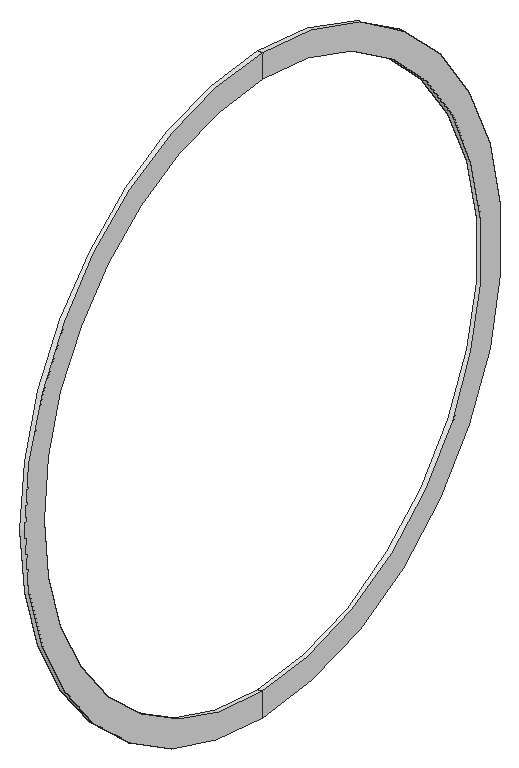
Revit family "40MP Teflon Gasket", category Pipe Accessories, Revit 2018
Family settings
  Round Connector Dimension = Use Diameter
  Part Type = Normal
  Work Plane-Based = No
  Always vertical = Yes
  Cut with Voids When Loaded = No
  Shared = No
Parameters (values of type "40MP Teflon Gasket")
  Weight [instance] = size_lookup(LookupTable, "Weight", "NA", Nominal Diameter)  # "0.07"
  URL = "http://www.fnw.com"
  Standards Lookup Table = "Standards"  # constant formula
  Product ID [instance] = size_lookup(LookupTable, "ProductID", "NA", Nominal Diameter)  # "4829723"
  Part Number [instance] = size_lookup(LookupTable, "PartNumber", "NA", Nominal Diameter)  # "G40MPGX"
  Nominal Diameter [instance] = 8"
  LookupTable = "40MP Teflon Gasket"  # constant formula
  L1 [instance] = size_lookup(LookupTable, "L1", 0.000", Nominal Diameter)  # 0.0625"
  Description BOM [instance] = size_lookup(LookupTable, "Description_BOM", "NA", Nominal Diameter)  # "8 SAN TEF WH GSKT"
  BR [instance] = size_lookup(LookupTable, "BR", 0.000", Nominal Diameter)  # 3.910"
  AR [instance] = size_lookup(LookupTable, "AR", 0.000", Nominal Diameter)  # 4.250"
Reference planes (in)
  plane 1 "Center (Front/Back)": y = 0
  plane 2: z = 0
  plane 3 "Center (Left/Right)": x = 0
  plane 4: z = 3.91
  plane 5: x = -0.0625
  plane 6: z = 4.25
Forms (in)
  Revolve 1, solid, material "White Gasket"
    sketch origin (0, 0, 0) x (1, 0, 0) y (0, 0, 1)
      loop
        line (-0.0625, 4.25) -> (-0.0625, 3.91) -> (0, 3.91) -> (0, 4.25) -> (-0.0625, 4.25)
      axis (0, 0) -> (-0.0625, 0)
    angle from 0 to 360
Text (in)
  text "1/2\" shown" at (0.85643, 0, -1.35684), in view "Front"
Dimensions and locks (in)
  "L1": plane 3 "Center (Left/Right)" to plane 5
  "BR": plane 4 to plane 2
  "AR": plane 6 to plane 2
  aligned and locked: plane 2 to level
  aligned and locked: plane 6 to Revolve 1 sketch curve
  aligned and locked: Revolve 1 sketch curve to plane 4
  aligned and locked: plane 5 to Revolve 1 sketch curve
  aligned and locked: Revolve 1 sketch curve to plane 3 "Center (Left/Right)"
Automatic sketch dimensions
  Revolve 1 sketch curve to level = 0.000"
  Revolve 1 sketch curve to plane 5 = 0.63024"
  plane 3 "Center (Left/Right)" to Revolve 1 sketch curve = 0.29163"
Connectors (in)
  piping at (-0.0625, 0, 0), diameter 8, driven by "Nominal Diameter"
    settings: on Revolve 1, index 1, connector inside diameter 24", connector length 0.000", flow factor 0, pipe flow 0 GPM, pressure drop 0.00 psi, fitting loss kfactor 0, connector angle 0.00°, fixture units 0, engagement length 0.000", angle of deflection 0.00°, flow configuration 0, flow direction 0, fitting loss method 0, system type 16, joint type 0, gender type 0, connector reference index -1, connector utility 0, adjustable connector no, is connector primary yes, connector description ""
  piping at (0, 0, 0), diameter 8, driven by "Nominal Diameter"
    settings: on Revolve 1, index 2, connector inside diameter 24", connector length 0.000", flow factor 0, pipe flow 0 GPM, pressure drop 0.00 psi, fitting loss kfactor 0, connector angle 0.00°, fixture units 0, engagement length 0.000", angle of deflection 0.00°, flow configuration 0, flow direction 0, fitting loss method 0, system type 16, joint type 0, gender type 0, connector reference index -1, connector utility 0, adjustable connector no, is connector primary no, connector description ""
